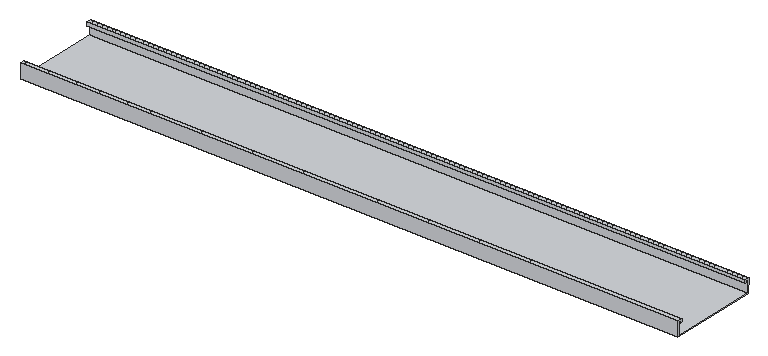
Revit family "TSN JamStud (R)", category Structural Framing, Revit 2026
Family settings
  Section Shape = Not Defined
  Material for Model Behavior = Other
  Always export as geometry = No
  Classification Number = 23.25.30.11.14.14
  Always vertical = Yes
  Cut with Voids When Loaded = No
  Symbolic Representation = From Family
  Shared = No
  Show family pre-cut in plan views = Yes
Parameters (values of type "1600JS250-118, 50ksi")
  d2 = 0' - 0 1/2"
  Version = "2.0"
  URL = "http://www.steelnetwork.com/product.aspx/jamStud"
  T = 0' - 0.124"
  Stud_D = 1' - 0"
  Section_DB = 3
  Manufacturer = "The Steel Network, Inc."
  Length [instance] = 10' - 0"
  D = 1' - 4"
  d1 = 0' - 0.768"
  B = 0' - 2 1/2"
Types (92): name | T | D | d1 | B
  (no name) | 0' - 0 9/128" | 1' - 4" | 0' - 0 81/128" | 0' - 3"
  350JS250-33, 50ksi | 0' - 0.0346" | 0' - 3 1/2" | 0' - 0.5892" | 0' - 2 1/2"
  350JS250-43, 50ksi | 0' - 0.0451" | 0' - 3 1/2" | 0' - 0.6102" | 0' - 2 1/2"
  350JS250-54, 50ksi | 0' - 0.0566" | 0' - 3 1/2" | 0' - 0.6332" | 0' - 2 1/2"
  350JS250-68, 50ksi | 0' - 0.0713" | 0' - 3 1/2" | 0' - 0.6626" | 0' - 2 1/2"
  350JS250-97, 50ksi | 0' - 0.1017" | 0' - 3 1/2" | 0' - 0.7234" | 0' - 2 1/2"
  350JS350-68, 50ksi | 0' - 0.0713" | 0' - 3 1/2" | 0' - 0.6626" | 0' - 3 1/2"
  350JS350-97, 50ksi | 0' - 0.1017" | 0' - 3 1/2" | 0' - 0.7234" | 0' - 3 1/2"
  350JS350-118, 50ksi | 0' - 0.124" | 0' - 3 1/2" | 0' - 0.768" | 0' - 3 1/2"
  362JS250-33, 50ksi | 0' - 0.0346" | 0' - 3 5/8" | 0' - 0.5892" | 0' - 2 1/2"
  362JS250-43, 50ksi | 0' - 0.0451" | 0' - 3 5/8" | 0' - 0.6102" | 0' - 2 1/2"
  362JS250-54, 50ksi | 0' - 0.0566" | 0' - 3 5/8" | 0' - 0.6332" | 0' - 2 1/2"
  362JS250-68, 50ksi | 0' - 0.0713" | 0' - 3 5/8" | 0' - 0.6626" | 0' - 2 1/2"
  362JS250-97, 50ksi | 0' - 0.1017" | 0' - 3 5/8" | 0' - 0.7234" | 0' - 2 1/2"
  362JS350-68, 50ksi | 0' - 0.0713" | 0' - 3 5/8" | 0' - 0.6626" | 0' - 3 1/2"
  362JS350-97, 50ksi | 0' - 0.1017" | 0' - 3 5/8" | 0' - 0.7234" | 0' - 3 1/2"
  362JS350-118, 50ksi | 0' - 0.124" | 0' - 3 5/8" | 0' - 0.768" | 0' - 3 1/2"
  400JS250-33, 50ksi | 0' - 0.0346" | 0' - 4" | 0' - 0.5892" | 0' - 2 1/2"
  400JS250-43, 50ksi | 0' - 0.0451" | 0' - 4" | 0' - 0.6102" | 0' - 2 1/2"
  400JS250-54, 50ksi | 0' - 0.0566" | 0' - 4" | 0' - 0.6332" | 0' - 2 1/2"
  400JS250-68, 50ksi | 0' - 0.0713" | 0' - 4" | 0' - 0.6626" | 0' - 2 1/2"
  400JS250-97, 50ksi | 0' - 0.1017" | 0' - 4" | 0' - 0.7234" | 0' - 2 1/2"
  400JS350-68, 50ksi | 0' - 0.0713" | 0' - 4" | 0' - 0.6626" | 0' - 3 1/2"
  400JS350-97, 50ksi | 0' - 0.1017" | 0' - 4" | 0' - 0.7234" | 0' - 3 1/2"
  400JS350-118, 50ksi | 0' - 0.124" | 0' - 4" | 0' - 0.768" | 0' - 3 1/2"
  550JS250-33, 50ksi | 0' - 0.0346" | 0' - 5 1/2" | 0' - 0.5892" | 0' - 2 1/2"
  550JS250-43, 50ksi | 0' - 0.0451" | 0' - 5 1/2" | 0' - 0.6102" | 0' - 2 1/2"
  550JS250-54, 50ksi | 0' - 0.0566" | 0' - 5 1/2" | 0' - 0.6332" | 0' - 2 1/2"
  550JS250-68, 50ksi | 0' - 0.0713" | 0' - 5 1/2" | 0' - 0.6626" | 0' - 2 1/2"
  550JS250-97, 50ksi | 0' - 0.1017" | 0' - 5 1/2" | 0' - 0.7234" | 0' - 2 1/2"
  550JS250-118, 50ksi | 0' - 0.124" | 0' - 5 1/2" | 0' - 0.768" | 0' - 2 1/2"
  550JS350-68, 50ksi | 0' - 0.0713" | 0' - 5 1/2" | 0' - 0.6626" | 0' - 3 1/2"
  550JS350-97, 50ksi | 0' - 0.1017" | 0' - 5 1/2" | 0' - 0.7234" | 0' - 3 1/2"
  550JS350-118, 50ksi | 0' - 0.124" | 0' - 5 1/2" | 0' - 0.768" | 0' - 3 1/2"
  600JS250-33, 50ksi | 0' - 0.0346" | 0' - 6" | 0' - 0.5892" | 0' - 2 1/2"
  600JS250-43, 50ksi | 0' - 0.0451" | 0' - 6" | 0' - 0.6102" | 0' - 2 1/2"
  600JS250-54, 50ksi | 0' - 0.0566" | 0' - 6" | 0' - 0.6332" | 0' - 2 1/2"
  600JS250-68, 50ksi | 0' - 0.0713" | 0' - 6" | 0' - 0.6626" | 0' - 2 1/2"
  600JS250-97, 50ksi | 0' - 0.1017" | 0' - 6" | 0' - 0.7234" | 0' - 2 1/2"
  600JS250-118, 50ksi | 0' - 0.124" | 0' - 6" | 0' - 0.768" | 0' - 2 1/2"
  600JS350-68, 50ksi | 0' - 0.0713" | 0' - 6" | 0' - 0.6626" | 0' - 3 1/2"
  600JS350-97, 50ksi | 0' - 0.1017" | 0' - 6" | 0' - 0.7234" | 0' - 3 1/2"
  600JS350-118, 50ksi | 0' - 0.124" | 0' - 6" | 0' - 0.768" | 0' - 3 1/2"
  800JS250-43, 50ksi | 0' - 0.0451" | 0' - 8" | 0' - 0.6102" | 0' - 2 1/2"
  800JS250-54, 50ksi | 0' - 0.0566" | 0' - 8" | 0' - 0.6332" | 0' - 2 1/2"
  800JS250-68, 50ksi | 0' - 0.0713" | 0' - 8" | 0' - 0.6626" | 0' - 2 1/2"
  800JS250-97, 50ksi | 0' - 0.1017" | 0' - 8" | 0' - 0.7234" | 0' - 2 1/2"
  800JS250-118, 50ksi | 0' - 0.124" | 0' - 8" | 0' - 0.768" | 0' - 2 1/2"
  800JS300-54, 50ksi | 0' - 0.0566" | 0' - 8" | 0' - 0.6332" | 0' - 3"
  800JS300-68, 50ksi | 0' - 0.0713" | 0' - 8" | 0' - 0.6626" | 0' - 3"
  800JS300-97, 50ksi | 0' - 0.1017" | 0' - 8" | 0' - 0.7234" | 0' - 3"
  800JS300-118, 50ksi | 0' - 0.124" | 0' - 8" | 0' - 0.768" | 0' - 3"
  800JS350-68, 50ksi | 0' - 0.0713" | 0' - 8" | 0' - 0.6626" | 0' - 3 1/2"
  800JS350-97, 50ksi | 0' - 0.1017" | 0' - 8" | 0' - 0.7234" | 0' - 3 1/2"
  800JS350-118, 50ksi | 0' - 0.124" | 0' - 8" | 0' - 0.768" | 0' - 3 1/2"
  1000JS250-43, 50ksi | 0' - 0.0451" | 0' - 10" | 0' - 0.6102" | 0' - 2 1/2"
  1000JS250-54, 50ksi | 0' - 0.0566" | 0' - 10" | 0' - 0.6332" | 0' - 2 1/2"
  1000JS250-68, 50ksi | 0' - 0.0713" | 0' - 10" | 0' - 0.6626" | 0' - 2 1/2"
  1000JS250-97, 50ksi | 0' - 0.1017" | 0' - 10" | 0' - 0.7234" | 0' - 2 1/2"
  1000JS250-118, 50ksi | 0' - 0.124" | 0' - 10" | 0' - 0.768" | 0' - 2 1/2"
  1000JS300-54, 50ksi | 0' - 0.0566" | 0' - 10" | 0' - 0.6332" | 0' - 3"
  1000JS300-68, 50ksi | 0' - 0.0713" | 0' - 10" | 0' - 0.6626" | 0' - 3"
  1000JS300-97, 50ksi | 0' - 0.1017" | 0' - 10" | 0' - 0.7234" | 0' - 3"
  1000JS300-118, 50ksi | 0' - 0.124" | 0' - 10" | 0' - 0.768" | 0' - 3"
  1000JS350-68, 50ksi | 0' - 0.0713" | 0' - 10" | 0' - 0.6626" | 0' - 3 1/2"
  1000JS350-97, 50ksi | 0' - 0.1017" | 0' - 10" | 0' - 0.7234" | 0' - 3 1/2"
  1000JS350-118, 50ksi | 0' - 0.124" | 0' - 10" | 0' - 0.768" | 0' - 3 1/2"
  1200JS250-54, 50ksi | 0' - 0.0566" | 1' - 0" | 0' - 0.6332" | 0' - 2 1/2"
  1200JS250-68, 50ksi | 0' - 0.0713" | 1' - 0" | 0' - 0.6626" | 0' - 2 1/2"
  1200JS250-97, 50ksi | 0' - 0.1017" | 1' - 0" | 0' - 0.7234" | 0' - 2 1/2"
  1200JS250-118, 50ksi | 0' - 0.124" | 1' - 0" | 0' - 0.768" | 0' - 2 1/2"
  1200JS300-54, 50ksi | 0' - 0.0566" | 1' - 0" | 0' - 0.6332" | 0' - 3"
  1200JS300-68, 50ksi | 0' - 0.0713" | 1' - 0" | 0' - 0.6626" | 0' - 3"
  1200JS300-97, 50ksi | 0' - 0.1017" | 1' - 0" | 0' - 0.7234" | 0' - 3"
  1200JS300-118, 50ksi | 0' - 0.124" | 1' - 0" | 0' - 0.768" | 0' - 3"
  1200JS350-68, 50ksi | 0' - 0.0713" | 1' - 0" | 0' - 0.6626" | 0' - 3 1/2"
  1200JS350-97, 50ksi | 0' - 0.1017" | 1' - 0" | 0' - 0.7234" | 0' - 3 1/2"
  1200JS350-118, 50ksi | 0' - 0.124" | 1' - 0" | 0' - 0.768" | 0' - 3 1/2"
  1400JS250-54, 50ksi | 0' - 0.0566" | 1' - 2" | 0' - 0.6332" | 0' - 2 1/2"
  1400JS250-68, 50ksi | 0' - 0.0713" | 1' - 2" | 0' - 0.6626" | 0' - 2 1/2"
  1400JS250-97, 50ksi | 0' - 0.1017" | 1' - 2" | 0' - 0.7234" | 0' - 2 1/2"
  1400JS250-118, 50ksi | 0' - 0.124" | 1' - 2" | 0' - 0.768" | 0' - 2 1/2"
  1400JS300-54, 50ksi | 0' - 0.0566" | 1' - 2" | 0' - 0.6332" | 0' - 3"
  1400JS300-68, 50ksi | 0' - 0.0713" | 1' - 2" | 0' - 0.6626" | 0' - 3"
  1400JS300-97, 50ksi | 0' - 0.1017" | 1' - 2" | 0' - 0.7234" | 0' - 3"
  1400JS300-118, 50ksi | 0' - 0.124" | 1' - 2" | 0' - 0.768" | 0' - 3"
  1400JS350-68, 50ksi | 0' - 0.0713" | 1' - 2" | 0' - 0.6626" | 0' - 3 1/2"
  1400JS350-97, 50ksi | 0' - 0.1017" | 1' - 2" | 0' - 0.7234" | 0' - 3 1/2"
  1400JS350-118, 50ksi | 0' - 0.124" | 1' - 2" | 0' - 0.768" | 0' - 3 1/2"
  1600JS250-68, 50ksi | 0' - 0.0713" | 1' - 4" | 0' - 0.6626" | 0' - 2 1/2"
  1600JS250-97, 50ksi | 0' - 0.1017" | 1' - 4" | 0' - 0.7234" | 0' - 2 1/2"
  1600JS250-118, 50ksi | 0' - 0.124" | 1' - 4" | 0' - 0.768" | 0' - 2 1/2"
Reference planes (in)
  plane 1 "Center (Front/Back)": y = 0
  plane 2 "Center El.": z = 0
  plane 3 "Center (Left/Right)": x = 0
  plane 4 "Left": x = -60
  plane 5 "Right": x = 60
  plane 6: z = 0
  plane 7: z = 2.5
  plane 8: y = -8
  plane 9: y = 8
  plane 10: y = -7.232
  plane 11: y = 7.232
Forms (in)
  Extrusion 1, solid
    sketch origin (60, 0, 0) x (0, -1, 0) y (0, 0, 1)
      loop
        line (8, 2.5) -> (7.232, 2.5) -> (7.232, 2) -> (7.356, 2) -> (7.356, 2.376) -> (7.876, 2.376) -> (7.876, 0.124) -> (-7.876, 0.124) -> (-7.876, 2.376) -> (-7.356, 2.376) -> (-7.356, 2) -> (-7.232, 2) -> (-7.232, 2.5) -> (-8, 2.5) -> (-8, 0) -> (8, 0) -> (8, 2.5)
    from 0 to 120
Lines and regions (in)
  model lines, style "Stick Symbols", detail levels coarse
    curve 1: line (-60, 0, 0) -> (60, 0, 0)
Dimensions and locks (in)
  equal spacing: plane 4 "Left", plane 3 "Center (Left/Right)", plane 5 "Right"
  "Length": plane 4 "Left" to plane 5 "Right"
  equal spacing: plane 8, plane 1 "Center (Front/Back)", plane 9
  "D": plane 8 to plane 9
  "B": plane 7 to plane 6
  "T": Extrusion 1 to plane 6
  "T": plane 8 to Extrusion 1
  "T": Extrusion 1 to plane 9
  "d1": plane 8 to plane 10
  "d1": plane 11 to plane 9
  "T": Extrusion 1 to Extrusion 1  (x4)
  "d2": Extrusion 1 to Extrusion 1  (x2)
  aligned and locked: plane 1 "Center (Front/Back)" to curve 1
  aligned and locked: Extrusion 1 to plane 6
  aligned and locked: plane 9 to Extrusion 1
  aligned and locked: Extrusion 1 to plane 8
  aligned and locked: Extrusion 1 to plane 5 "Right"
  aligned and locked: plane 4 "Left" to Extrusion 1
  aligned: plane 10 to Extrusion 1
  aligned: plane 11 to Extrusion 1
  aligned and locked: plane 10 to Extrusion 1
  aligned and locked: plane 11 to Extrusion 1
Automatic sketch dimensions
  curve 1 to plane 4 "Left" = 0' - 0"
  curve 1 to plane 5 "Right" = 0' - 0"
  Extrusion 1 sketch curve to plane 7 = 0' - 0"  (x2)
  Extrusion 1 sketch curve to plane 9 = 0' - 0"
  Extrusion 1 sketch curve to plane 11 = 0' - 0"
  Extrusion 1 sketch curve to plane 10 = 0' - 0"
  Extrusion 1 sketch curve to plane 8 = 0' - 0"
  Extrusion 1 sketch curve to level = 0' - 0"
  Extrusion 1 sketch curve to plane 9 = 0' - 0.124"
  Extrusion 1 sketch curve to Extrusion 1 sketch curve = 0' - 0.124"
  Extrusion 1 sketch curve to plane 10 = 0' - 0.124"
  plane 8 to Extrusion 1 sketch curve = 0' - 0.124"
  level to Extrusion 1 sketch curve = 0' - 0.124"
  Extrusion 1 sketch curve to plane 7 = 0' - 0 1/2"  (x2)
  Extrusion 1 sketch curve to plane 7 = 0' - 0.124"  (x2)
